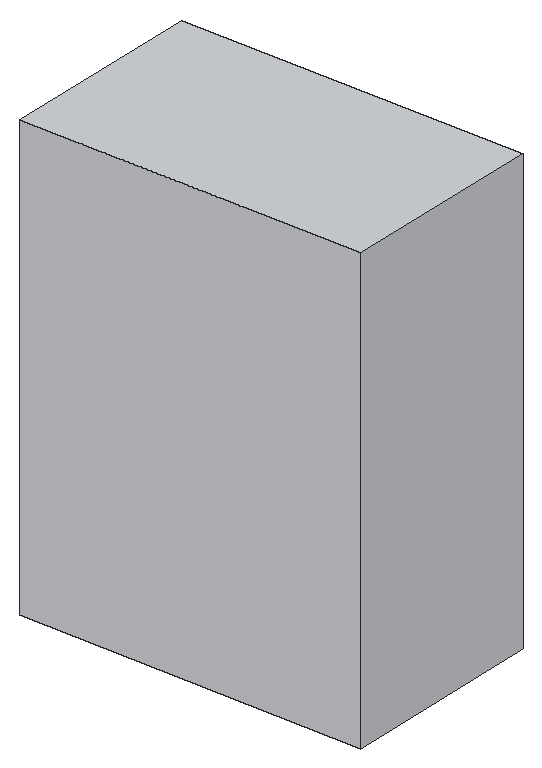
Revit family
Parameters
  Warranty Duration (Years) = 0
  Unit Width [instance] = 2' - 6"
  Unit Height [instance] = 0' - 9 99/256"
  Unit Depth = 0' - 0"
  URL = "http://www.americanspecialties.com/viewCategories.cfm"
  Trim Material = Metal - Stainless Steel w/satin
  Test Data = ""
  Specification = "http://www.arcat.com/sdspecs/htm/10810asi.htm"
  SpecWizard = ""
  Send Message = "http://www.arcat.com/users.pl?action=UserEmail&company=American%20Specialties,%20Inc.&coid=30448&rep=139&fax=914-476-0688&mf="
  Sales Information = "http://www.americanspecialties.com/contact"
  Revision = "R1_10-2010"
  Product Properties = "http://www.americanspecialties.com/datasheets/1653.pdf"
  Product Data = "http://www.arcat.com/arcatcos/cos30/arc30448.html"
  Model = "As Specified in 10 28 13"
  Manufacturer Website = "http://www.americanspecialties.com/viewCategories.cfm"
  Manufacturer Phone - Toll Free = ""
  Manufacturer Phone = "914-476-9000 "
  Manufacturer Fax = "914-476-0688"
  Manufacturer Address = "441 Saw Mill River Rd., Yonkers, NY 10701"
  Manufacturer = "American Specialties, Inc."
  Maintenance Schedule (Months) = 0
  Keynote = "10 28 13"
  Installation-Fabrication = "http://www.americanspecialties.com/products.cfm"
  Green Building-LEED = ""
  Expected Lifespan (Years) = 0
  Drawn By = "Robert S. Weygant. CSI, CDT, SCIP"  # constant formula
  Description = "Toilet Accessory as Specified in 10 28 13"
  Default Elevation = 4' - 0"
  Copyright = "©Arcat Inc."
  Construction Details = "http://www.arcat.com/green/clients/leed_data_30448.html"
  Building Codes = "http://www.americanspecialties.com/products.cfm"
  Body Material = Metal - Stainless Steel w/satin
  Assembly Code = "C1030210"
Reference planes (in)
  plane 1 "Center (Front/Back)": y = -0.29112
  plane 2 "Floor Line": z = 0
  plane 3 "Center (Left/Right)": x = -0.65843
  plane 4: z = 52.69336
  plane 5: x = -15.65843
  plane 6: x = 14.34157
  plane 7: z = 48
  plane 8: z = 57.38672
Forms (in)
  Extrusion 1, solid
    sketch origin (-3, -9, -6) x (0, 0, -1) y (1, 0, 0)
      loop
        line (-82, 31.34157) -> (-82, -26.99487) -> (-6, -26.99487) -> (-6, 31.34157) -> (-82, 31.34157)
    from 9 to -25.60721
  Extrusion 2, solid, material "Metal - Stainless Steel w/satin" <- "Body Material"
    sketch origin (0, 0, 0) x (1, 0, 0) y (0, 1, 0)
      loop
        circle (-15.65843, -0.29112) r 1.5
      loop
        circle (14.34157, -0.29112) r 1.5
      loop
        circle (-15.08812, 0.69669) r 0.125
      loop
        circle (-16.79906, -0.29112) r 0.125
      loop
        circle (-15.08812, -1.27893) r 0.125
      loop
        circle (13.77125, 0.69669) r 0.125
      loop
        circle (15.48219, -0.29112) r 0.125
      loop
        circle (13.77125, -1.27893) r 0.125
    from 0 to 0.25
  Sweep 3, solid, material "Metal - Stainless Steel w/satin" <- "Body Material"
    path origin (0, -0.29112, 0) x (1, 0, 0) y (0, 0, 1)
      loop
        line (-15.65843, 0.25) -> (-15.65843, 0.75)
        arc (-15.65843, 0.75) -> (-15.21909, 1.81066) -> (-14.15843, 2.25) r 1.5
        line (-14.15843, 2.25) -> (12.84157, 2.25)
        arc (12.84157, 2.25) -> (13.90223, 1.81066) -> (14.34157, 0.75) r 1.5
        line (14.34157, 0.75) -> (14.34157, 0.25)
    profile origin (-15.65843, -0.29112, 0.5) x (-1, 0, 0) y (0, -1, 0)
      loop
        circle (0, 0) r 0.75
  Extrusion 4, solid, material "Metal - Stainless Steel w/satin" <- "Body Material"
    sketch origin (0, 0, 0) x (1, 0, 0) y (0, 1, 0)
      loop
        line (-15.67555, -1.10362) -> (14.35868, -1.10362) -> (14.35868, -1.04112) -> (-15.67555, -1.04112) -> (-15.67555, -1.10362)
    from 0.25 to 2.26533
  Extrusion 5, void
    sketch origin (0, -0.29112, 0) x (1, 0, 0) y (0, 0, 1)
      loop
        line (-15.65843, 0.25) -> (-15.65843, 0.75)
        arc (-15.65843, 0.75) -> (-15.21909, 1.81066) -> (-14.15843, 2.25) r 1.5
        line (-14.15843, 2.25) -> (12.84157, 2.25)
        arc (12.84157, 2.25) -> (13.90223, 1.81066) -> (14.34157, 0.75) r 1.5
        line (14.34157, 0.75) -> (14.34157, 0.25) -> (16.09157, 0.25) -> (16.09157, 4) -> (-17.65843, 4) -> (-17.65843, 0.25) -> (-15.65843, 0.25)
    from 0 to 3.25636
Cuts and joins
  Extrusion 5 cuts Extrusion 2
  Extrusion 5 cuts Extrusion 4
Dimensions and locks (in)
  equal spacing: plane 8, plane 4, plane 7
  equal spacing: plane 6, plane 3 "Center (Left/Right)", plane 5
  "Unit Width": plane 6 to plane 5
  "Unit Height": plane 8 to plane 7
  "Default Elevation": plane 7 to plane 2 "Floor Line"
  aligned and locked: Extrusion 1 to level
  aligned and locked: Extrusion 4 to Extrusion 2
Automatic sketch dimensions
  Extrusion 1 sketch curve to Extrusion 1 sketch curve = 6' - 4"
  Extrusion 1 sketch curve to Extrusion 1 sketch curve = 4' - 10.33643"
  Extrusion 2 sketch curve to plane 1 "Center (Front/Back)" = 0' - 0"  (x4)
  Extrusion 2 sketch curve to plane 5 = 0' - 0"
  Extrusion 2 sketch curve to plane 6 = 0' - 0"
  Extrusion 2 sketch curve to Extrusion 2 sketch curve = 0' - 1 9/64"
  plane 5 to Extrusion 2 sketch curve = 0' - 0 73/128"  (x2)
  Extrusion 2 sketch curve to plane 6 = 0' - 0 73/128"  (x2)
  plane 6 to Extrusion 2 sketch curve = 0' - 1 9/64"
  plane 1 "Center (Front/Back)" to Extrusion 2 sketch curve = 0' - 0.98781"  (x2)
  Extrusion 2 sketch curve to plane 1 "Center (Front/Back)" = 0' - 0.98781"  (x2)
  Sweep 3 sketch curve to plane 5 = 0' - 0"
  Sweep 3 sketch curve to plane 6 = 0' - 0"
  plane 5 to Sweep 3 sketch curve = 0' - 1 1/2"
  level to Sweep 3 sketch curve = 0' - 0 3/4"
  Sweep 3 sketch curve to plane 6 = 0' - 1 1/2"
  level to Sweep 3 sketch curve = 0' - 0 1/4"  (x2)
  Sweep 3 sketch curve to plane 1 "Center (Front/Back)" = 0' - 0"
  Sweep 3 sketch curve to profile plane = 0' - 0"
  Extrusion 4 sketch curve to plane 5 = 0' - 0.01712"
  plane 6 to Extrusion 4 sketch curve = 0' - 0.01712"
  plane 1 "Center (Front/Back)" to Extrusion 4 sketch curve = 0' - 0 13/16"
  Extrusion 4 sketch curve to Extrusion 4 sketch curve = 0' - 0 1/16"
  Extrusion 5 sketch curve to plane 5 = 0' - 0"
  Extrusion 5 sketch curve to plane 6 = 0' - 0"
  Extrusion 5 sketch curve to plane 5 = 0' - 2"
  level to Extrusion 5 sketch curve = 0' - 0 3/4"
  Extrusion 5 sketch curve to Extrusion 5 sketch curve = 0' - 1 1/2"
  Extrusion 5 sketch curve to plane 6 = 0' - 1 1/2"
  level to Extrusion 5 sketch curve = 0' - 0 1/4"  (x2)
  Extrusion 5 sketch curve to Extrusion 5 sketch curve = 0' - 1 3/4"
  Extrusion 5 sketch curve to Extrusion 5 sketch curve = 0' - 3 1/4"
  radius of Extrusion 2 sketch curve = 0' - 1 1/2"  (x2)
  radius of Extrusion 2 sketch curve = 0' - 0 1/8"  (x6)
  radius of Sweep 3 sketch curve = 0' - 0 3/4"
